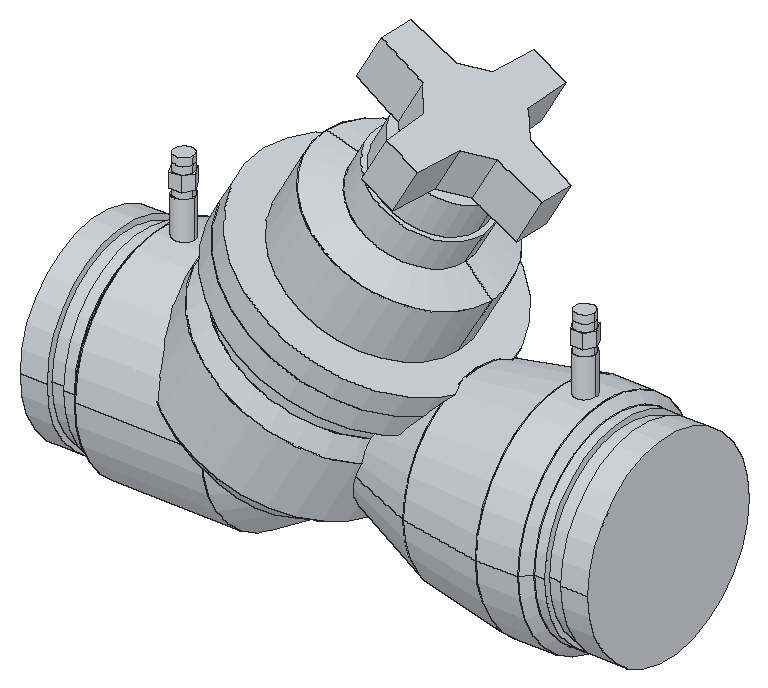
Revit family "447_d-DN125-RFA_2019", category Pipe Accessories, Revit 2019
Family settings
  Round Connector Dimension = Use Diameter
  Part Type = Valve - Breaks Into
  Work Plane-Based = No
  Always vertical = Yes
  Cut with Voids When Loaded = No
  Shared = No
Parameters (values of type "447_d-DN125")
  magiProductId = "5795ec580370482d8c46e49d975863"
  magiProductFamilyId = "eab8c084d85f47fc9aed3208e9defb"
  magiPartTypeId = 304
  isMeasuringValve [instance] = no
  ang2D [instance] = 0.00°
  W3 = 14.437 mm
  W2D = 100 mm
  W2 = 30.026 mm
  W1 = 12.736 mm
  VersionID = "2.0/2018.4.11.4/ZETKAMA_447_GROOVED_001"
  Use Minimum Symbol Size [instance] = yes
  URL = "www.hydronix.cz"
  Type Comments = "drážkový spoj; PN16; -10~+120°C;"
  R9 = 91.65 mm
  R8 = 38.775 mm
  R7 = 42.3 mm
  R6 = 84.6 mm
  R5 = 65 mm
  R4 = 38.775 mm
  R3 = 77.55 mm
  R2 = 66.975 mm
  R13 = 8.579 mm
  R12 = 6.714 mm
  R11 = 7.46 mm
  R1 = 70.5 mm
  R = 62.5 mm
  QmdConnectorList = "301;D;302;D"
  Productdata [instance] = ""
  Model = ""
  Manufacturer = "Hydronix"
  Maintenance Zone Under Depth [instance] = 71 mm
  Maintenance Zone Right Depth [instance] = 400 mm
  Maintenance Zone Over Depth [instance] = 260 mm
  Maintenance Zone Left Depth [instance] = 400 mm
  Maintenance Zone Front Depth [instance] = 130 mm
  Maintenance Zone Back Depth [instance] = 130 mm
  Maintenance Zone Front Visibility [instance] = no
  MC Product Code = "447 125 d (DN125; PN16 kvs280,0)"
  MC Piping Given Pressure Drop [instance] = 0.0 Pa
  L9 = 59.683 mm
  L8__ve = -L8  # -29.841 mm
  L8 = 29.841 mm
  L6 = 89.524 mm
  L5 = 5.714 mm
  L4__ve = -L4  # -7.619 mm
  L4 = 7.619 mm
  L3__ve = -L3  # -11.429 mm
  L3 = 11.429 mm
  L2__ve = -L2  # -19.048 mm
  L2D_Min = 3048 mm
  L2D = 350 mm
  L2 = 19.048 mm
  L13 = 14.921 mm
  L12 = 12.736 mm
  L11 = 14.437 mm
  L10 = 30.026 mm
  L1 = 200 mm
  KZ = 33.333 mm
  KL = 57.735 mm
  H9 = 7.005 mm
  H8 = 45.534 mm
  H7 = 17.513 mm
  H6 = 21.016 mm
  H5 = 14.01 mm
  H4 = 52.539 mm
  H17 = 10.4 mm
  H16 = 5.2 mm
  H15 = 103.55 mm
  H14 = 35.026 mm
  H13 = 26.269 mm
  H11 = 28.021 mm
  H10 = 24.518 mm
  Description = "Ruční vyvažovací ventil s drážkovým spojem"
  D = 125 mm
  CenSd_R13_6 = R13 * cos(30.00°)  # 7.43 mm
  Clearance Zone Height Depth [instance] = 260 mm
  Clearance Zone Circular Radius [instance] = 200 mm
  Clearance Zone Visibility [instance] = no
Types (10, lengths in mm): name | magiProductId | W3 | W2 | W1 | R9 | R8 | R7 | R6 | R5 | R4 | R3 | R2 | R13 | R12 | R11 | R1 | R | Maintenance Zone Under Depth | Maintenance Zone Right Depth | Maintenance Zone Over Depth | Maintenance Zone Left Depth | Maintenance Zone Front Depth | Maintenance Zone Back Depth | MC Product Code | L9 | L8__ve | L8 | L6 | L5 | L4__ve | L4 | L3__ve | L3 | L2__ve | L2 | L13 | L12 | L11 | L10 | L1 | KZ | KL | H9 | H8 | H7 | H6 | H5 | H4 | H17 | H16 | H15 | H14 | H13 | H11 | H10 | D | CenSd_R13_6 | Clearance Zone Height Depth | Clearance Zone Circular Radius
  447_d-DN100 | "e5a6bfdd9ca54003a0551f5d760c3c" | 14.437 | 30.026 | 12.736 | 74.1 | 31.35 | 34.2 | 68.4 | 65 | 31.35 | 62.7 | 54.15 | 7.507 | 5.875 | 6.528 | 57 | 50 | 57 | 350 | 240 | 350 | 130 | 130 | "447 100 d (DN100; PN16 kvs180,5)" | 52.222 | -26.111 | 26.111 | 78.333 | 5 | -6.667 | 6.667 | -10 | 10 | -16.667 | 16.667 | 13.056 | 12.736 | 14.437 | 30.026 | 175 | 29.167 | 50.518 | 6.389 | 41.531 | 15.973 | 19.168 | 12.779 | 47.92 | 9.6 | 4.8 | 86.7 | 31.947 | 23.96 | 25.557 | 22.363 | 100 | 6.501 | 240 | 175
  447_d-DN125 | "5795ec580370482d8c46e49d975863" | 14.437 | 30.026 | 12.736 | 91.65 | 38.775 | 42.3 | 84.6 | 65 | 38.775 | 77.55 | 66.975 | 8.579 | 6.714 | 7.46 | 70.5 | 62.5 | 71 | 400 | 260 | 400 | 130 | 130 | "447 125 d (DN125; PN16 kvs280,0)" | 59.683 | -29.841 | 29.841 | 89.524 | 5.714 | -7.619 | 7.619 | -11.429 | 11.429 | -19.048 | 19.048 | 14.921 | 12.736 | 14.437 | 30.026 | 200 | 33.333 | 57.735 | 7.005 | 45.534 | 17.513 | 21.016 | 14.01 | 52.539 | 10.4 | 5.2 | 103.55 | 35.026 | 26.269 | 28.021 | 24.518 | 125 | 7.43 | 260 | 200
  447_d-DN150 | "9b6b5ad10a674c51b522359e7e2d39" | 14.437 | 30.026 | 12.736 | 109.2 | 46.2 | 50.4 | 100.8 | 65 | 46.2 | 92.4 | 79.8 | 10.295 | 8.057 | 8.952 | 84 | 75 | 84 | 480 | 285 | 480 | 130 | 130 | "447 150 d (DN150; PN16 kvs383,4)" | 71.619 | -35.81 | 35.81 | 107.429 | 6.857 | -9.143 | 9.143 | -13.714 | 13.714 | -22.857 | 22.857 | 17.905 | 12.736 | 14.437 | 30.026 | 240 | 40 | 69.282 | 7.775 | 50.537 | 19.437 | 23.325 | 15.55 | 58.312 | 11.4 | 5.7 | 120.9 | 38.875 | 29.156 | 31.1 | 27.212 | 150 | 8.916 | 285 | 240
  447_d-DN200 | "f5a67fe5c2444fc986ed7f87b9a4ed" | 31.658 | 71.601 | 30.372 | 142.35 | 60.225 | 65.7 | 131.4 | 155 | 60.225 | 120.45 | 104.025 | 12.869 | 10.071 | 11.19 | 109.5 | 100 | 110 | 600 | 480 | 600 | 310 | 310 | "447 200 d (DN200; PN16 kvs710,0)" | 89.524 | -44.762 | 44.762 | 134.286 | 8.571 | -11.429 | 11.429 | -17.143 | 17.143 | -28.571 | 28.571 | 22.381 | 30.372 | 31.658 | 71.601 | 300 | 50 | 86.603 | 12.394 | 80.56 | 30.984 | 37.181 | 24.788 | 92.953 | 19.2 | 9.6 | 168.45 | 61.969 | 46.477 | 49.575 | 43.378 | 200 | 11.145 | 480 | 300
  447_d-DN250 | "7d63ae0d28f64990bc8ce3477101ef" | 31.658 | 71.601 | 30.372 | 177.45 | 75.075 | 81.9 | 163.8 | 155 | 75.075 | 150.15 | 129.675 | 15.657 | 12.254 | 13.615 | 136.5 | 125 | 137 | 730 | 525 | 730 | 310 | 310 | "447 250 d (DN250; PN16 kvs1187,5)" | 108.921 | -54.46 | 54.46 | 163.381 | 10.429 | -13.905 | 13.905 | -20.857 | 20.857 | -34.762 | 34.762 | 27.23 | 30.372 | 31.658 | 71.601 | 365 | 60.833 | 105.366 | 13.779 | 89.566 | 34.449 | 41.338 | 27.559 | 103.346 | 21 | 10.5 | 202.65 | 68.897 | 51.673 | 55.118 | 48.228 | 250 | 13.56 | 525 | 365
  447_d-DN300 | "0a2a34dba99a430aa7daf784d6b0c1" | 31.658 | 71.601 | 30.372 | 210.6 | 89.1 | 97.2 | 194.4 | 155 | 89.1 | 178.2 | 153.9 | 18.231 | 14.268 | 15.853 | 162 | 150 | 162 | 850 | 535 | 850 | 310 | 310 | "447 300 d (DN300; PN16 kvs1504,1)" | 126.825 | -63.413 | 63.413 | 190.238 | 12.143 | -16.19 | 16.19 | -24.286 | 24.286 | -40.476 | 40.476 | 31.706 | 30.372 | 31.658 | 71.601 | 425 | 70.833 | 122.687 | 14.087 | 91.568 | 35.218 | 42.262 | 28.175 | 105.655 | 21.4 | 10.7 | 231.7 | 70.437 | 52.828 | 56.349 | 49.306 | 300 | 15.789 | 535 | 425
  447_d-DN040 | "6dc4a6b5eb924103b02307904d600f" | 9.08 | 17.092 | 7.25 | 31.2 | 13.2 | 14.4 | 28.8 | 37 | 13.2 | 26.4 | 22.8 | 4.29 | 3.357 | 3.73 | 24 | 20 | 24 | 200 | 130 | 200 | 74 | 74 | "447 040 d (DN40; PN16 kvs22,36)" | 29.841 | -14.921 | 14.921 | 44.762 | 2.857 | -3.81 | 3.81 | -5.714 | 5.714 | -9.524 | 9.524 | 7.46 | 7.25 | 9.08 | 17.092 | 100 | 16.667 | 28.868 | 3.433 | 22.317 | 8.583 | 10.3 | 6.867 | 25.75 | 5.2 | 2.6 | 39.4 | 17.167 | 12.875 | 13.733 | 12.017 | 40 | 3.715 | 130 | 100
  447_d-DN050 | "b59a3d0ad4654cda90cee0c397c848" | 9.08 | 17.092 | 7.25 | 39 | 16.5 | 18 | 36 | 37 | 16.5 | 33 | 28.5 | 4.933 | 3.861 | 4.29 | 30 | 25 | 30 | 230 | 130 | 230 | 130 | 130 | "447 050 d (DN50; PN16 kvs32,15)" | 34.317 | -17.159 | 17.159 | 51.476 | 3.286 | -4.381 | 4.381 | -6.571 | 6.571 | -10.952 | 10.952 | 8.579 | 7.25 | 9.08 | 17.092 | 115 | 19.167 | 33.198 | 3.433 | 22.317 | 8.583 | 10.3 | 6.867 | 25.75 | 5.2 | 2.6 | 46 | 17.167 | 12.875 | 13.733 | 12.017 | 50 | 4.272 | 130 | 115
  447_d-DN065 | "356db372cd37496c9ff0d3ad255dc6" | 14.437 | 30.026 | 12.736 | 49.4 | 20.9 | 22.8 | 45.6 | 65 | 20.9 | 41.8 | 36.1 | 6.22 | 4.868 | 5.409 | 38 | 32.5 | 38 | 290 | 220 | 290 | 130 | 130 | "447 065 d (DN65; PN16 kvs83,3)" | 43.27 | -21.635 | 21.635 | 64.905 | 4.143 | -5.524 | 5.524 | -8.286 | 8.286 | -13.81 | 13.81 | 10.817 | 12.736 | 14.437 | 30.026 | 145 | 24.167 | 41.858 | 5.774 | 37.528 | 14.434 | 17.321 | 11.547 | 43.301 | 8.8 | 4.4 | 63.8 | 28.868 | 21.651 | 23.094 | 20.207 | 65 | 5.387 | 220 | 145
  447_d-DN080 | "f43aa02b4841429783243073d22ea7" | 14.437 | 30.026 | 12.736 | 57.85 | 24.475 | 26.7 | 53.4 | 65 | 24.475 | 48.95 | 42.275 | 6.649 | 5.204 | 5.782 | 44.5 | 40 | 45 | 310 | 220 | 310 | 130 | 130 | "447 080 d (DN80; PN16 kvs104,3)" | 46.254 | -23.127 | 23.127 | 69.381 | 4.429 | -5.905 | 5.905 | -8.857 | 8.857 | -14.762 | 14.762 | 11.563 | 12.736 | 14.437 | 30.026 | 155 | 25.833 | 44.745 | 5.774 | 37.528 | 14.434 | 17.321 | 11.547 | 43.301 | 8.8 | 4.4 | 70.95 | 28.868 | 21.651 | 23.094 | 20.207 | 80 | 5.758 | 220 | 155
Reference planes
  plane 1 "Center (Front/Back)": y = 0
  plane 2 "XYPLANE": z = 0
  plane 3 "Center (Left/Right)": x = 0
  plane 4 "159": y = 130
  plane 5 "158": y = -130
  plane 6 "157": z = -71
  plane 7 "156": z = 260
  plane 8 "155": x = -400
  plane 9 "154": x = 400
  plane 10 "132": z = 124.35
  plane 11 "125": z = 119.15
  plane 12 "120": z = 108.75
  plane 13 "119": z = 103.55
  plane 14 "112": x = 141.27
  plane 15 "111": x = -141.27
  plane 16 "109": y = -14.437
  plane 17 "108": y = 14.437
  plane 18 "105": through (336.03, 0, 672.018) normal (0.866, 0, -0.5)
  plane 19 "104": through (313.97, 0, 684.755) normal (0.866, 0, -0.5)
  plane 20 "103": y = -30.026
  plane 21 "102": y = -12.736
  plane 22 "101": y = 30.026
  plane 23 "100": y = 12.736
  plane 24 "99": through (312.497, 0, 685.605) normal (0.866, 0, -0.5)
  plane 25 "98": through (298.997, 0, 693.4) normal (0.866, 0, -0.5)
  plane 26 "97": through (337.503, 0, 671.168) normal (0.866, 0, -0.5)
  plane 27 "96": through (351.003, 0, 663.374) normal (0.866, 0, -0.5)
  plane 28 "95": y = -65
  plane 29 "94": y = 65
  plane 30 "93": through (381.292, 0, 645.887) normal (0.866, 0, -0.5)
  plane 31 "92": through (268.708, 0, 710.887) normal (0.866, 0, -0.5)
  plane 32 "88": x = 66.667
  plane 33 "87": x = 126.349
  plane 34 "81": through (-552.351, 0, 543.299) normal (0.5, 0, 0.866)
  plane 35 "80": through (-566.362, 0, 519.032) normal (0.5, 0, 0.866)
  plane 36 "75": through (-578.621, 0, 497.799) normal (0.5, 0, 0.866)
  plane 37 "72": through (-582.124, 0, 491.732) normal (0.5, 0, 0.866)
  plane 38 "68": through (-604.89, 0, 452.299) normal (0.5, 0, 0.866)
  plane 39 "67": through (-613.647, 0, 437.132) normal (0.5, 0, 0.866)
  plane 40 "62": through (-679.32, 0, 323.382) normal (0.5, 0, 0.866)
  plane 41 "61": through (-622.403, 0, 421.966) normal (0.5, 0, 0.866)
  plane 42 "58": through (-632.911, 0, 403.766) normal (0.5, 0, 0.866)
  plane 43 "56": through (-639.916, 0, 391.632) normal (0.5, 0, 0.866)
  plane 44 "51": y = 0
  plane 45 "49": through (325, 0, 678.387) normal (0.866, 0, -0.5)
  plane 46 "48": through (-666.186, 0, 346.132) normal (0.5, 0, 0.866)
  plane 47 "30": x = 156.19
  plane 48 "29": x = 161.905
  plane 49 "28": x = 169.524
  plane 50 "27": x = 180.952
  plane 51 "14": x = -66.667
  plane 52 "13": x = -156.19
  plane 53 "12": x = -161.905
  plane 54 "11": x = -169.524
  plane 55 "10": x = -180.952
  plane 56 "8": x = -200
  plane 57 "7": x = 200
  plane 58 "6": y = 0
  plane 59 "5": x = 0
  plane 60 "4": z = 0
  plane 61 "45XY": through (-649.519, 0, 375) normal (0.5, 0, 0.866)
  plane 62 "45XZ": y = 0
  plane 63 "45YZ": through (375, 0, 649.519) normal (0.866, 0, -0.5)
Forms (mm)
  Blend 1, solid, visible <- "Maintenance Zone Front Visibility"
    base sketch origin (-750, 0, -71) x (1, 0, 0) y (0, 1, 0)
      loop
        line (350, 130) -> (350, -130) -> (1150, -130) -> (1150, 130) -> (350, 130)
    top sketch origin (-750, 0, -71) x (1, 0, 0) y (0, 1, 0)
      loop
        line (350, 130) -> (350, -130) -> (1150, -130) -> (1150, 130) -> (350, 130)
    from 0 to 331
  Extrusion 2, solid, visible <- "Clearance Zone Visibility"
    sketch origin (-750, 0, 0) x (1, 0, 0) y (0, 1, 0)
      loop
        circle (750, 0) r 200
    from 0 to 260 <- "Clearance Zone Height Depth"
  Extrusion 3, solid
    sketch origin (-750, 0, 124.35) x (1, 0, 0) y (0, 1, 0)
      loop
        circle (891.27, 0) r 6.714
    from 0 to 5.2 <- "H16"
  Extrusion 4, solid
    sketch origin (-750, 0, 119.15) x (1, 0, 0) y (0, 1, 0)
      loop
        circle (891.27, 0) r 6.714
    from 0 to 5.2 <- "H16"
  Extrusion 5, solid
    sketch origin (-750, 0, 124.35) x (1, 0, 0) y (0, 1, 0)
      loop
        circle (608.73, 0) r 6.714
    from 0 to 5.2 <- "H16"
  Extrusion 6, solid
    sketch origin (-750, 0, 119.15) x (1, 0, 0) y (0, 1, 0)
      loop
        circle (608.73, 0) r 6.714
    from 0 to 5.2 <- "H16"
  Extrusion 7, solid
    sketch origin (-750, 0, 108.75) x (1, 0, 0) y (0, 1, 0)
      loop
        line (899.849, 0) -> (895.56, 7.43) -> (886.98, 7.43) -> (882.69, 0) -> (886.98, -7.43) -> (895.56, -7.43) -> (899.849, 0)
    from 0 to 10.4 <- "H17"
  Extrusion 8, solid
    sketch origin (-750, 0, 108.75) x (1, 0, 0) y (0, 1, 0)
      loop
        line (617.31, 0) -> (613.02, 7.43) -> (604.44, 7.43) -> (600.151, 0) -> (604.44, -7.43) -> (613.02, -7.43) -> (617.31, 0)
    from 0 to 10.4 <- "H17"
  Extrusion 9, solid
    sketch origin (-750, 0, 103.55) x (1, 0, 0) y (0, 1, 0)
      loop
        circle (891.27, 0) r 6.714
    from 0 to 5.2 <- "H16"
  Extrusion 10, solid
    sketch origin (-750, 0, 103.55) x (1, 0, 0) y (0, 1, 0)
      loop
        circle (608.73, 0) r 6.714
    from 0 to 5.2 <- "H16"
  Extrusion 11, solid
    sketch origin (-750, 0, 0) x (1, 0, 0) y (0, 1, 0)
      loop
        circle (891.27, 0) r 7.46
    from 0 to 103.55 <- "H15"
  Extrusion 12, solid
    sketch origin (-750, 0, 0) x (1, 0, 0) y (0, 1, 0)
      loop
        circle (608.73, 0) r 7.46
    from 0 to 103.55 <- "H15"
  Extrusion 13, solid
    sketch origin (-552.351, 0, 543.299) x (0.866025, 0, -0.5) y (0, 1, 0)
      loop
        line (627.265, 12.736) -> (627.265, -12.736) -> (662.239, -14.437) -> (677.828, -30.026) -> (679.528, -65) -> (705.001, -65) -> (706.702, -30.026) -> (722.291, -14.437) -> (757.265, -12.736) -> (757.265, 12.736) -> (722.291, 14.437) -> (706.702, 30.026) -> (705.001, 65) -> (679.528, 65) -> (677.828, 30.026) -> (662.239, 14.437) -> (627.265, 12.736)
    from 0 to 35.026 <- "H14"
  Blend 14, solid
    base sketch origin (126.349, -750, 0) x (0, 1, 0) y (0, 0, 1)
      loop
        circle (750, 0) r 77.55
    top sketch origin (126.349, -750, 0) x (0, 1, 0) y (0, 0, 1)
      loop
        circle (750, 0) r 66.975
    from 0 to -59.683
  Extrusion 15, solid
    sketch origin (-613.647, 0, 437.132) x (0.866025, 0, -0.5) y (0, 1, 0)
      loop
        circle (692.265, 0) r 91.65
    from 0 to 17.513 <- "H7"
  Extrusion 16, solid
    sketch origin (-622.403, 0, 421.966) x (0.866025, 0, -0.5) y (0, 1, 0)
      loop
        circle (692.265, 0) r 91.65
    from 0 to 17.513 <- "H7"
  Extrusion 17, solid
    sketch origin (-566.362, 0, 519.032) x (0.866025, 0, -0.5) y (0, 1, 0)
      loop
        circle (692.265, 0) r 38.775
    from 0 to 28.021 <- "H11"
  Blend 18, solid
    base sketch origin (-582.124, 0, 491.732) x (0.866025, 0, -0.5) y (0, 1, 0)
      loop
        circle (692.265, 0) r 66.975
    top sketch origin (-582.124, 0, 491.732) x (0.866025, 0, -0.5) y (0, 1, 0)
      loop
        circle (692.265, 0) r 42.3
    from 0 to 7.005
  Extrusion 19, solid
    sketch origin (-604.89, 0, 452.299) x (0.866025, 0, -0.5) y (0, 1, 0)
      loop
        circle (692.265, 0) r 66.975
    from 0 to 45.534 <- "H8"
  Extrusion 20, solid
    sketch origin (-578.621, 0, 497.799) x (0.866025, 0, -0.5) y (0, 1, 0)
      loop
        circle (692.265, 0) r 42.3
    from 0 to 24.518 <- "H10"
  Blend 21, solid
    base sketch origin (-666.186, 0, 346.132) x (0.866025, 0, -0.5) y (0, 1, 0)
      loop
        circle (692.265, 0) r 84.6
    top sketch origin (-666.186, 0, 346.132) x (0.866025, 0, -0.5) y (0, 1, 0)
      loop
        circle (692.265, 0) r 62.5
    from 0 to -26.269
  Extrusion 22, solid
    sketch origin (-632.911, 0, 403.766) x (0.866025, 0, -0.5) y (0, 1, 0)
      loop
        circle (692.265, 0) r 77.55
    from 0 to 21.016 <- "H6"
  Blend 23, solid
    base sketch origin (-639.916, 0, 391.632) x (0.866025, 0, -0.5) y (0, 1, 0)
      loop
        circle (692.265, 0) r 84.6
    top sketch origin (-639.916, 0, 391.632) x (0.866025, 0, -0.5) y (0, 1, 0)
      loop
        circle (692.265, 0) r 77.55
    from 0 to 14.01
  Extrusion 24, solid
    sketch origin (-666.186, 0, 346.132) x (0.866025, 0, -0.5) y (0, 1, 0)
      loop
        circle (692.265, 0) r 84.6
    from 0 to 52.539 <- "H4"
  Extrusion 25, solid
    sketch origin (200, -750, 0) x (0, 1, 0) y (0, 0, 1)
      loop
        circle (750, 0) r 70.5
    from 0 to -19.048 <- "L2__ve"
  Extrusion 26, solid
    sketch origin (180.952, -750, 0) x (0, 1, 0) y (0, 0, 1)
      loop
        circle (750, 0) r 66.975
    from 0 to -11.429 <- "L3__ve"
  Extrusion 27, solid
    sketch origin (169.524, -750, 0) x (0, 1, 0) y (0, 0, 1)
      loop
        circle (750, 0) r 70.5
    from 0 to -7.619 <- "L4__ve"
  Blend 28, solid
    base sketch origin (161.905, -750, 0) x (0, 1, 0) y (0, 0, 1)
      loop
        circle (750, 0) r 70.5
    top sketch origin (161.905, -750, 0) x (0, 1, 0) y (0, 0, 1)
      loop
        circle (750, 0) r 77.55
    from 0 to -5.714
  Extrusion 29, solid
    sketch origin (156.19, -750, 0) x (0, 1, 0) y (0, 0, 1)
      loop
        circle (750, 0) r 77.55
    from 0 to -29.841 <- "L8__ve"
  Blend 30, solid
    base sketch origin (66.667, -750, 0) x (0, 1, 0) y (0, 0, 1)
      loop
        circle (750, 0) r 66.975
    top sketch origin (66.667, -750, 0) x (0, 1, 0) y (0, 0, 1)
      loop
        circle (750, 0) r 38.775
    from 0 to -66.667
  Blend 31, solid
    base sketch origin (-66.667, -750, 0) x (0, 1, 0) y (0, 0, 1)
      loop
        circle (750, 0) r 77.55
    top sketch origin (-66.667, -750, 0) x (0, 1, 0) y (0, 0, 1)
      loop
        circle (750, 0) r 38.775
    from 0 to 66.667
  Extrusion 32, solid
    sketch origin (-156.19, -750, 0) x (0, 1, 0) y (0, 0, 1)
      loop
        circle (750, 0) r 77.55
    from 0 to 89.524 <- "L6"
  Blend 33, solid
    base sketch origin (-161.905, -750, 0) x (0, 1, 0) y (0, 0, 1)
      loop
        circle (750, 0) r 70.5
    top sketch origin (-161.905, -750, 0) x (0, 1, 0) y (0, 0, 1)
      loop
        circle (750, 0) r 77.55
    from 0 to 5.714
  Extrusion 34, solid
    sketch origin (-169.524, -750, 0) x (0, 1, 0) y (0, 0, 1)
      loop
        circle (750, 0) r 70.5
    from 0 to 7.619 <- "L4"
  Extrusion 35, solid
    sketch origin (-180.952, -750, 0) x (0, 1, 0) y (0, 0, 1)
      loop
        circle (750, 0) r 66.975
    from 0 to 11.429 <- "L3"
  Extrusion 36, solid
    sketch origin (-200, -750, 0) x (0, 1, 0) y (0, 0, 1)
      loop
        circle (750, 0) r 70.5
    from 0 to 19.048 <- "L2"
  Extrusion 37, solid, not visible
    sketch origin (-200, -750, 0) x (0, 1, 0) y (0, 0, 1)
      loop
        circle (750, 0) r 10
    from 0 to 10
  Extrusion 38, solid, not visible
    sketch origin (200, -750, 0) x (0, 1, 0) y (0, 0, 1)
      loop
        circle (750, 0) r 10
    from 0 to -10
Lines and regions (mm)
  reference lines, not visible
    curve 1: circle (2, 2, 0) r 1 normal (0, 0, 1)
  reference lines
    curve 2: line (141.27, 0, 108.75) -> (139.393, 3.251, 108.75)
    curve 3: line (141.27, 0, 108.75) -> (137.516, 0, 108.75)
    curve 4: line (141.27, 0, 108.75) -> (139.393, -3.251, 108.75)
    curve 5: line (-141.27, 0, 108.75) -> (-143.147, 3.251, 108.75)
    curve 6: line (-141.27, 0, 108.75) -> (-145.023, 0, 108.75)
    curve 7: line (-141.27, 0, 108.75) -> (-143.147, -3.251, 108.75)
Dimensions and locks
  plane 1 "Center (Front/Back)" to curve 1 = 2 mm
  "Maintenance Zone Back Depth": plane 1 "Center (Front/Back)" to plane 4 "159"
  "Maintenance Zone Front Depth": plane 1 "Center (Front/Back)" to plane 5 "158"
  "Maintenance Zone Under Depth": plane 2 "XYPLANE" to plane 6 "157"
  "Maintenance Zone Over Depth": plane 2 "XYPLANE" to plane 7 "156"
  "Maintenance Zone Left Depth": plane 3 "Center (Left/Right)" to plane 8 "155"
  "Maintenance Zone Right Depth": plane 3 "Center (Left/Right)" to plane 9 "154"
  "H16": plane 11 "125" to plane 10 "132"
  "H17": plane 12 "120" to plane 11 "125"
  "H16": plane 13 "119" to plane 12 "120"
  "H15": plane 2 "XYPLANE" to plane 13 "119"
  "L13": plane 47 "30" to plane 14 "112"
  "L13": plane 52 "13" to plane 15 "111"
  "W3": plane 44 "51" to plane 16 "109"
  "W3": plane 44 "51" to plane 17 "108"
  "L12": plane 45 "49" to plane 18 "105"
  "L12": plane 45 "49" to plane 19 "104"
  "W2": plane 58 "6" to plane 20 "103"
  "W1": plane 58 "6" to plane 21 "102"
  "W2": plane 58 "6" to plane 22 "101"
  "W1": plane 58 "6" to plane 23 "100"
  "L11": plane 45 "49" to plane 24 "99"
  "L10": plane 45 "49" to plane 25 "98"
  "L11": plane 45 "49" to plane 26 "97"
  "L10": plane 45 "49" to plane 27 "96"
  "R5": plane 58 "6" to plane 28 "95"
  "R5": plane 58 "6" to plane 29 "94"
  "R5": plane 45 "49" to plane 30 "93"
  "R5": plane 45 "49" to plane 31 "92"
  "L9": plane 33 "87" to plane 32 "88"
  "L8": plane 47 "30" to plane 33 "87"
  "H11": plane 35 "80" to plane 34 "81"
  "H10": plane 36 "75" to plane 35 "80"
  "H9": plane 37 "72" to plane 36 "75"
  "H8": plane 38 "68" to plane 37 "72"
  "H7": plane 39 "67" to plane 38 "68"
  "H7": plane 41 "61" to plane 39 "67"
  "H13": plane 46 "48" to plane 40 "62"
  "H6": plane 42 "58" to plane 41 "61"
  "H5": plane 43 "56" to plane 42 "58"
  "H4": plane 46 "48" to plane 43 "56"
  locked: plane 58 "6" to plane 44 "51"
  "KL": plane 63 "45YZ" to plane 45 "49"
  "KZ": plane 61 "45XY" to plane 46 "48"
  "L5": plane 48 "29" to plane 47 "30"
  "L4": plane 49 "28" to plane 48 "29"
  "L3": plane 50 "27" to plane 49 "28"
  "L2": plane 57 "7" to plane 50 "27"
  "L6": plane 52 "13" to plane 51 "14"
  "L5": plane 53 "12" to plane 52 "13"
  "L4": plane 54 "11" to plane 53 "12"
  "L3": plane 55 "10" to plane 54 "11"
  "L2": plane 56 "8" to plane 55 "10"
  "L1": plane 3 "Center (Left/Right)" to plane 56 "8"
  "L1": plane 3 "Center (Left/Right)" to plane 57 "7"
  locked: plane 1 "Center (Front/Back)" to plane 58 "6"
  locked: plane 3 "Center (Left/Right)" to plane 59 "5"
  locked: plane 2 "XYPLANE" to plane 60 "4"
  Blend 1 sketch curve to Blend 1 sketch curve = 0 mm  (x16)
  "CenSd_R13_6": curve 2 to Extrusion 7 sketch curve  (x2)
  "CenSd_R13_6": curve 3 to Extrusion 7 sketch curve  (x2)
  "CenSd_R13_6": curve 4 to Extrusion 7 sketch curve  (x2)
  Extrusion 7 sketch curve to Extrusion 7 sketch curve = 0 mm  (x12)
  "CenSd_R13_6": curve 5 to Extrusion 8 sketch curve  (x2)
  "CenSd_R13_6": curve 6 to Extrusion 8 sketch curve  (x2)
  "CenSd_R13_6": curve 7 to Extrusion 8 sketch curve  (x2)
  Extrusion 8 sketch curve to Extrusion 8 sketch curve = 0 mm  (x12)
  Extrusion 13 sketch curve to Extrusion 13 sketch curve = 0 mm  (x32)
  "Clearance Zone Circular Radius": radius of Extrusion 2 sketch curve
  "R12": radius of Extrusion 3 sketch curve
  "R12": radius of Extrusion 4 sketch curve
  "R12": radius of Extrusion 5 sketch curve
  "R12": radius of Extrusion 6 sketch curve
  "R12": radius of Extrusion 9 sketch curve
  "R12": radius of Extrusion 10 sketch curve
  "R11": radius of Extrusion 11 sketch curve
  "R11": radius of Extrusion 12 sketch curve
  "R2": radius of Blend 14 sketch curve
  "R3": radius of Blend 14 sketch curve
  "R9": radius of Extrusion 15 sketch curve
  "R9": radius of Extrusion 16 sketch curve
  "R8": radius of Extrusion 17 sketch curve
  "R7": radius of Blend 18 sketch curve
  "R2": radius of Blend 18 sketch curve
  "R2": radius of Extrusion 19 sketch curve
  "R7": radius of Extrusion 20 sketch curve
  "R": radius of Blend 21 sketch curve
  "R6": radius of Blend 21 sketch curve
  "R3": radius of Extrusion 22 sketch curve
  "R3": radius of Blend 23 sketch curve
  "R6": radius of Blend 23 sketch curve
  "R6": radius of Extrusion 24 sketch curve
  "R1": radius of Extrusion 25 sketch curve
  "R2": radius of Extrusion 26 sketch curve
  "R1": radius of Extrusion 27 sketch curve
  "R3": radius of Blend 28 sketch curve
  "R1": radius of Blend 28 sketch curve
  "R3": radius of Extrusion 29 sketch curve
  "R4": radius of Blend 30 sketch curve
  "R2": radius of Blend 30 sketch curve
  "R4": radius of Blend 31 sketch curve
  "R3": radius of Blend 31 sketch curve
  "R3": radius of Extrusion 32 sketch curve
  "R3": radius of Blend 33 sketch curve
  "R1": radius of Blend 33 sketch curve
  "R1": radius of Extrusion 34 sketch curve
  "R2": radius of Extrusion 35 sketch curve
  "R1": radius of Extrusion 36 sketch curve
  locked: curve 3 to curve 2 (angle 60.00°)
  locked: curve 4 to curve 3 (angle 60.00°)
  locked: curve 4 to curve 2 (angle 120.00°)
  locked: curve 6 to curve 5 (angle 60.00°)
  locked: curve 7 to curve 6 (angle 60.00°)
  locked: curve 7 to curve 5 (angle 120.00°)
  aligned and locked: level to plane 2 "XYPLANE"
  aligned and locked: Blend 1 sketch curve to plane 8 "155"  (x2)
  aligned and locked: plane 4 "159" to Blend 1 sketch curve  (x4)
  aligned and locked: plane 5 "158" to Blend 1 sketch curve  (x4)
  aligned and locked: plane 8 "155" to Blend 1 sketch curve  (x2)
  aligned and locked: plane 9 "154" to Blend 1 sketch curve  (x4)
  aligned and locked: plane 7 "156" to Blend 1
  aligned and locked: plane 58 "6" to Extrusion 2 sketch curve
  aligned and locked: plane 59 "5" to Extrusion 2 sketch curve
  aligned and locked: plane 14 "112" to Extrusion 3 sketch curve
  aligned and locked: plane 58 "6" to Extrusion 3 sketch curve
  aligned and locked: plane 14 "112" to Extrusion 4 sketch curve
  aligned and locked: plane 58 "6" to Extrusion 4 sketch curve
  aligned and locked: plane 15 "111" to Extrusion 5 sketch curve
  aligned and locked: plane 58 "6" to Extrusion 5 sketch curve
  aligned and locked: plane 15 "111" to Extrusion 6 sketch curve
  aligned and locked: plane 58 "6" to Extrusion 6 sketch curve
  aligned and locked: plane 14 "112" to curve 4
  aligned and locked: plane 58 "6" to curve 4
  aligned and locked: plane 15 "111" to curve 6
  aligned and locked: plane 58 "6" to curve 6
  aligned and locked: plane 14 "112" to Extrusion 9 sketch curve
  aligned and locked: plane 58 "6" to Extrusion 9 sketch curve
  aligned and locked: plane 15 "111" to Extrusion 10 sketch curve
  aligned and locked: plane 58 "6" to Extrusion 10 sketch curve
  aligned and locked: plane 14 "112" to Extrusion 11 sketch curve
  aligned and locked: plane 58 "6" to Extrusion 11 sketch curve
  aligned and locked: plane 15 "111" to Extrusion 12 sketch curve
  aligned and locked: plane 58 "6" to Extrusion 12 sketch curve
  aligned and locked: Extrusion 13 sketch curve to plane 31 "92"  (x2)
  aligned and locked: plane 23 "100" to Extrusion 13 sketch curve  (x2)
  aligned and locked: plane 21 "102" to Extrusion 13 sketch curve  (x2)
  aligned and locked: plane 16 "109" to Extrusion 13 sketch curve  (x2)
  aligned and locked: Extrusion 13 sketch curve to plane 25 "98"
  aligned and locked: plane 20 "103" to Extrusion 13 sketch curve  (x2)
  aligned and locked: Extrusion 13 sketch curve to plane 24 "99"
  aligned and locked: plane 28 "95" to Extrusion 13 sketch curve  (x2)
  aligned and locked: Extrusion 13 sketch curve to plane 19 "104"
  aligned and locked: Extrusion 13 sketch curve to plane 18 "105"
  aligned and locked: Extrusion 13 sketch curve to plane 26 "97"
  aligned and locked: Extrusion 13 sketch curve to plane 27 "96"
  aligned and locked: Extrusion 13 sketch curve to plane 30 "93"
  aligned and locked: plane 30 "93" to Extrusion 13 sketch curve
  aligned and locked: plane 17 "108" to Extrusion 13 sketch curve  (x2)
  aligned and locked: plane 27 "96" to Extrusion 13 sketch curve
  aligned and locked: plane 22 "101" to Extrusion 13 sketch curve  (x2)
  aligned and locked: plane 26 "97" to Extrusion 13 sketch curve
  aligned and locked: plane 18 "105" to Extrusion 13 sketch curve
  aligned and locked: plane 29 "94" to Extrusion 13 sketch curve  (x2)
  aligned and locked: plane 19 "104" to Extrusion 13 sketch curve
  aligned and locked: plane 24 "99" to Extrusion 13 sketch curve
  aligned and locked: plane 25 "98" to Extrusion 13 sketch curve
  aligned and locked: Blend 14 sketch curve to plane 58 "6"  (x2)
  aligned and locked: plane 60 "4" to Blend 14 sketch curve  (x2)
  aligned and locked: Blend 14 to plane 32 "88"
  aligned and locked: plane 44 "51" to Extrusion 15 sketch curve
  aligned and locked: Extrusion 15 sketch curve to plane 45 "49"
  aligned and locked: plane 44 "51" to Extrusion 16 sketch curve
  aligned and locked: Extrusion 16 sketch curve to plane 45 "49"
  aligned and locked: plane 44 "51" to Extrusion 17 sketch curve
  aligned and locked: Extrusion 17 sketch curve to plane 45 "49"
  aligned and locked: plane 44 "51" to Blend 18 sketch curve  (x2)
  aligned and locked: Blend 18 sketch curve to plane 45 "49"  (x2)
  aligned and locked: plane 36 "75" to Blend 18
  aligned and locked: plane 44 "51" to Extrusion 19 sketch curve
  aligned and locked: Extrusion 19 sketch curve to plane 45 "49"
  aligned and locked: plane 44 "51" to Extrusion 20 sketch curve
  aligned and locked: Extrusion 20 sketch curve to plane 45 "49"
  aligned and locked: plane 44 "51" to Blend 21 sketch curve  (x2)
  aligned and locked: Blend 21 sketch curve to plane 45 "49"  (x2)
  aligned and locked: Blend 21 to plane 40 "62"
  aligned and locked: plane 44 "51" to Extrusion 22 sketch curve
  aligned and locked: Extrusion 22 sketch curve to plane 45 "49"
  aligned and locked: plane 44 "51" to Blend 23 sketch curve  (x2)
  aligned and locked: Blend 23 sketch curve to plane 45 "49"  (x2)
  aligned and locked: plane 42 "58" to Blend 23
  aligned and locked: plane 44 "51" to Extrusion 24 sketch curve
  aligned and locked: Extrusion 24 sketch curve to plane 45 "49"
  aligned and locked: Extrusion 25 sketch curve to plane 58 "6"
  aligned and locked: plane 60 "4" to Extrusion 25 sketch curve
  aligned and locked: Extrusion 26 sketch curve to plane 58 "6"
  aligned and locked: plane 60 "4" to Extrusion 26 sketch curve
  aligned and locked: Extrusion 27 sketch curve to plane 58 "6"
  aligned and locked: plane 60 "4" to Extrusion 27 sketch curve
  aligned and locked: Blend 28 sketch curve to plane 58 "6"  (x2)
  aligned and locked: plane 60 "4" to Blend 28 sketch curve  (x2)
  aligned and locked: Blend 28 to plane 47 "30"
  aligned and locked: Extrusion 29 sketch curve to plane 58 "6"
  aligned and locked: plane 60 "4" to Extrusion 29 sketch curve
  aligned and locked: Blend 30 sketch curve to plane 58 "6"  (x2)
  aligned and locked: plane 60 "4" to Blend 30 sketch curve  (x2)
  aligned and locked: Blend 30 to plane 59 "5"
  aligned and locked: Blend 31 sketch curve to plane 58 "6"  (x2)
  aligned and locked: plane 60 "4" to Blend 31 sketch curve  (x2)
  aligned and locked: plane 59 "5" to Blend 31
  aligned and locked: Extrusion 32 sketch curve to plane 58 "6"
  aligned and locked: plane 60 "4" to Extrusion 32 sketch curve
  aligned and locked: Blend 33 sketch curve to plane 58 "6"  (x2)
  aligned and locked: plane 60 "4" to Blend 33 sketch curve  (x2)
  aligned and locked: plane 52 "13" to Blend 33
  aligned and locked: Extrusion 34 sketch curve to plane 58 "6"
  aligned and locked: plane 60 "4" to Extrusion 34 sketch curve
  aligned and locked: Extrusion 35 sketch curve to plane 58 "6"
  aligned and locked: plane 60 "4" to Extrusion 35 sketch curve
  aligned and locked: Extrusion 36 sketch curve to plane 58 "6"
  aligned and locked: plane 60 "4" to Extrusion 36 sketch curve
  aligned and locked: Extrusion 37 sketch curve to plane 58 "6"
  aligned and locked: plane 60 "4" to Extrusion 37 sketch curve
  aligned and locked: Extrusion 38 sketch curve to plane 58 "6"
  aligned and locked: plane 60 "4" to Extrusion 38 sketch curve
Automatic sketch dimensions
  plane 21 "102" to Extrusion 37 sketch curve = 2.736 mm
  plane 21 "102" to Extrusion 38 sketch curve = 2.736 mm
  plane 3 "Center (Left/Right)" to curve 1 = 2 mm
  radius of curve 1 = 1 mm
Connectors
  piping at (-200, 0, 0), diameter 125, driven by "D"
    settings: on Extrusion 37, index 1, connector inside diameter 609.6 mm, connector length 0 mm, flow factor 0, pipe flow 0.0 L/s, pressure drop 0.0 Pa, fitting loss kfactor 0, connector angle 0.00°, fixture units 0, engagement length 0 mm, angle of deflection 0.00°, flow configuration 0, flow direction 0, fitting loss method 0, system type 29, joint type 0, gender type 0, connector reference index 2, connector utility 0, adjustable connector no, is connector primary yes, connector description ""
  piping at (200, 0, 0), diameter 125, driven by "D"
    settings: on Extrusion 38, index 2, connector inside diameter 609.6 mm, connector length 0 mm, flow factor 0, pipe flow 0.0 L/s, pressure drop 0.0 Pa, fitting loss kfactor 0, connector angle 0.00°, fixture units 0, engagement length 0 mm, angle of deflection 0.00°, flow configuration 0, flow direction 0, fitting loss method 0, system type 29, joint type 0, gender type 0, connector reference index 1, connector utility 0, adjustable connector no, is connector primary no, connector description ""
